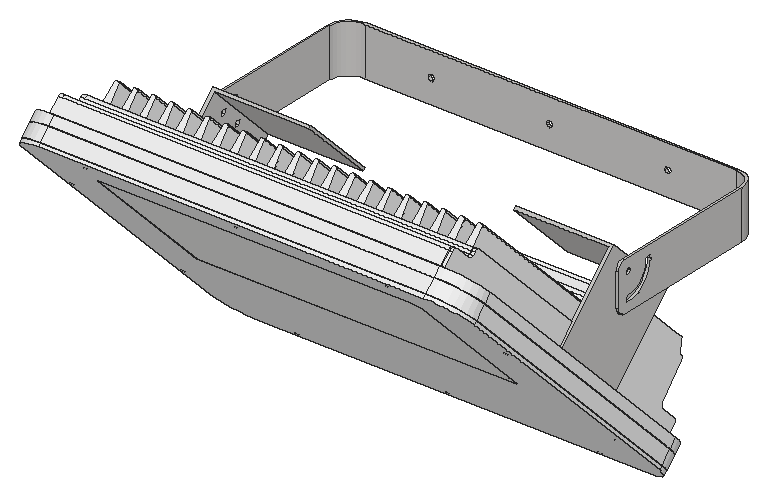
Revit family "FT ATEX LED MAX_2021", category Luminarias, Revit 2021 (continued)
Types (12, lengths in mm): name | Wattage | Power | Position | Archivo de red fotométrica | built-in parameter 1150142 | Modules | Lumens | built-in parameter 1150105 | built-in parameter 1150106 | Equiv MH
    \t0\t0\t0\t0\t0\r\n0\r\n2341.1438\t2280.1795\t2221.4942\t2161.3846\t2102.4144\t2043.7291\t1990.1717\t1940.0328\t1892.3154\t1845.7375\r\n1799.587\t1738.3378\t1672.2456\t1609.2871\t1549.035\t1492.2014\t1448.4724\t1415.7112\t1372.8367\t1338.936\r\n1316.1456\t1296.6313\t1282.5298\t1268.4282\t1258.7423\t1247.4895\t1235.3821\t1225.1264\t1217.1498\t1215.583\r\n1226.5508\t1248.4866\t1286.803\t1335.2326\t1382.3802\t1403.6038\t1372.5518\t1278.2566\t1125.1336\t941.2435\r\n741.1153\t474.4676\t232.4621\t165.8002\t133.1814\t107.8271\t0\t0\t0\t0\r\n0\t0\t0\t0\t0\t0\t0\t0\t0\t0\r\n0\t0\t0\t0\t0\t0\t0\t0\t0\t0\r\n0\t0\t0\t0\t0\t0\t0\t0\t0\t0\r\n0\t0\t0\t0\t0\t0\t0\t0\t0\t0\r\n0\r\n2337.1555\t2272.2029\t2209.2444\t2146.2859\t2083.8972\t2022.2207\t1966.0993\t1915.6756\t1865.8216\t1815.1129\r\n1763.2648\t1690.193\t1620.8248\t1553.3082\t1489.9224\t1433.2313\t1387.7929\t1353.7498\t1312.2997\t1281.96\r\n1260.0242\t1244.2134\t1226.4084\t1214.301\t1204.6151\t1199.0599\t1194.0745\t1188.2345\t1185.9554\t1198.0628\r\n1214.8708\t1245.6378\t1290.0791\t1335.2326\t1369.8455\t1373.264\t1305.605\t1206.6092\t1065.5936\t865.323\r\n643.1166\t410.6545\t221.3518\t168.2216\t133.8936\t110.1061\t0\t0\t0\t0\r\n0\t0\t0\t0\t0\t0\t0\t0\t0\t0\r\n0\t0\t0\t0\t0\t0\t0\t0\t0\t0\r\n0\t0\t0\t0\t0\t0\t0\t0\t0\t0\r\n0\t0\t0\t0\t0\t0\t0\t0\t0\t0\r\n0\r\n2332.3126\t2263.9414\t2197.2794\t2131.3297\t2066.8044\t2003.4186\t1945.7304\t1895.0218\t1844.1707\t1788.7615\r\n1727.3699\t1644.3274\t1571.8254\t1501.8874\t1437.9318\t1381.3831\t1336.3721\t1301.047\t1263.7277\t1237.3763\r\n1218.5742\t1199.0599\t1184.2462\t1173.9905\t1168.1504\t1163.8772\t1162.7377\t1163.7348\t1170.9992\t1188.5194\r\n1219.8562\t1261.0213\t1304.3231\t1337.9389\t1347.1975\t1326.1164\t1266.2916\t1158.4645\t992.6644\t780.0014\r\n546.115\t344.2775\t221.3518\t174.489\t133.1814\t107.8271\t0\t0\t0\t0\r\n0\t0\t0\t0\t0\t0\t0\t0\t0\t0\r\n0\t0\t0\t0\t0\t0\t0\t0\t0\t0\r\n0\t0\t0\t0\t0\t0\t0\t0\t0\t0\r\n0\t0\t0\t0\t0\t0\t0\t0\t0\t0\r\n0\r\n2335.5887\t2262.6594\t2194.0033\t2124.7775\t2057.8307\t1994.16\t1935.1898\t1883.769\t1830.9238\t1771.5263\r\n1698.0272\t1611.7086\t1535.2183\t1463.571\t1400.8974\t1344.9185\t1299.765\t1263.4428\t1229.1148\t1205.6122\r\n1184.6735\t1168.4353\t1157.1826\t1149.3484\t1144.0781\t1143.6508\t1146.0722\t1151.9123\t1167.1534\t1196.7809\r\n1229.1148\t1266.434\t1308.169\t1334.2355\t1335.6599\t1311.8724\t1233.388\t1103.0554\t935.261\t738.409\r\n520.7606\t309.0948\t218.9303\t184.0325\t130.6175\t109.109\t0\t0\t0\t0\r\n0\t0\t0\t0\t0\t0\t0\t0\t0\t0\r\n0\t0\t0\t0\t0\t0\t0\t0\t0\t0\r\n0\t0\t0\t0\t0\t0\t0\t0\t0\t0\r\n0\t0\t0\t0\t0\t0\t0\t0\t0\t0\r\n0\r\n2333.1672\t2257.1042\t2185.7418\t2115.5189\t2047.7174\t1982.0526\t1923.3673\t1870.807\t1813.1188\t1750.73\r\n1669.3968\t1577.6654\t1498.8961\t1427.3912\t1365.0025\t1312.1573\t1268.2858\t1231.8211\t1201.7663\t1177.9788\r\n1160.1738\t1147.6391\t1138.8078\t1131.8282\t1130.5463\t1132.398\t1136.1014\t1146.0722\t1171.4266\t1210.8824\r\n1240.9373\t1278.9688\t1321.4159\t1347.4824\t1344.2063\t1304.608\t1212.5917\t1078.983\t896.9447\t712.6273\r\n494.979\t279.8946\t210.6688\t175.4861\t133.3238\t109.8212\t0\t0\t0\t0\r\n0\t0\t0\t0\t0\t0\t0\t0\t0\t0\r\n0\t0\t0\t0\t0\t0\t0\t0\t0\t0\r\n0\t0\t0\t0\t0\t0\t0\t0\t0\t0\r\n0\t0\t0\t0\t0\t0\t0\t0\t0\t0\r\n0\r\n2335.1614\t2256.6769\t2182.893\t2111.2457\t2042.3047\t1975.7852\t1916.1029\t1863.5425\t1802.8631\t1737.3407\r\n1649.8825\t1556.8692\t1475.536\t1404.1735\t1341.4999\t1289.5093\t1246.2076\t1210.5976\t1183.9613\t1161.8831\r\n1146.642\t1135.5317\t1124.8487\t1120.0057\t1122.8545\t1123.8516\t1130.4038\t1145.36\t1179.5456\t1218.2893\r\n1250.1959\t1293.3552\t1329.1076\t1351.0434\t1347.9097\t1302.8987\t1209.0307\t1065.4512\t874.5816\t653.2298\r\n380.3148\t201.8375\t174.2041\t149.9893\t122.9257\t106.83\t0\t0\t0\t0\r\n0\t0\t0\t0\t0\t0\t0\t0\t0\t0\r\n0\t0\t0\t0\t0\t0\t0\t0\t0\t0\r\n0\t0\t0\t0\t0\t0\t0\t0\t0\t0\r\n0\t0\t0\t0\t0\t0\t0\t0\t0\t0\r\n0\r\n2332.5974\t2252.4037\t2177.1954\t2105.4056\t2035.0403\t1968.8057\t1908.696\t1853.002\t1791.4679\t1723.0967\r\n1630.3682\t1535.7881\t1453.7426\t1382.3802\t1322.413\t1269.995\t1228.8299\t1196.0687\t1171.7114\t1151.3425\r\n1137.3834\t1126.1306\t1118.0116\t1116.5872\t1117.7267\t1122.8545\t1132.8253\t1152.6245\t1188.2345\t1221.1381\r\n1248.4866\t1294.6372\t1326.1164\t1344.9185\t1336.2296\t1290.7913\t1197.4931\t1048.3584\t833.9862\t489.139\r\n258.8135\t167.5094\t153.9776\t132.6116\t111.1032\t99.8504\t0\t0\t0\t0\r\n0\t0\t0\t0\t0\t0\t0\t0\t0\t0\r\n0\t0\t0\t0\t0\t0\t0\t0\t0\t0\r\n0\t0\t0\t0\t0\t0\t0\t0\t0\t0\r\n0\t0\t0\t0\t0\t0\t0\t0\t0\t0\r\n0\r\n2334.1643\t2252.1188\t2176.1983\t2103.9812\t2034.0432\t1967.2388\t1906.417\t1848.159\t1785.7703\t1714.123\r\n1620.5399\t1525.9597\t1443.0596\t1369.2757\t1310.1631\t1259.0272\t1218.1469\t1186.9525\t1163.4499\t1144.6478\r\n1134.5346\t1124.8487\t1119.0086\t1118.0116\t1121.2877\t1125.1336\t1134.8195\t1154.3338\t1188.9467\t1217.5771\r\n1249.911\t1293.3552\t1322.413\t1339.2209\t1332.3838\t1293.7825\t1202.336\t1047.3613\t763.0511\t406.9511\r\n224.343\t150.9864\t138.4517\t120.0769\t105.1207\t98.8534\t0\t0\t0\t0\r\n0\t0\t0\t0\t0\t0\t0\t0\t0\t0\r\n0\t0\t0\t0\t0\t0\t0\t0\t0\t0\r\n0\t0\t0\t0\t0\t0\t0\t0\t0\t0\r\n0\t0\t0\t0\t0\t0\t0\t0\t0\t0\r\n0\r\n2330.8882\t2248.8427\t2171.9251\t2098.711\t2029.2002\t1962.5383\t1901.1467\t1841.8916\t1778.5058\t1705.2917\r\n1609.4296\t1515.9889\t1433.9435\t1361.0142\t1301.9016\t1251.6203\t1213.019\t1184.531\t1163.7348\t1145.6449\r\n1136.3863\t1130.119\t1127.8399\t1125.5609\t1129.1219\t1129.8341\t1139.6624\t1160.7436\t1200.3419\t1229.3996\r\n1268.4282\t1306.0324\t1331.3867\t1338.936\t1321.8432\t1283.0995\t1192.7926\t1034.5417\t683.9969\t369.6318\r\n205.8258\t144.1493\t130.6175\t116.8008\t111.3881\t108.5393\t0\t0\t0\t0\r\n0\t0\t0\t0\t0\t0\t0\t0\t0\t0\r\n0\t0\t0\t0\t0\t0\t0\t0\t0\t0\r\n0\t0\t0\t0\t0\t0\t0\t0\t0\t0\r\n0\t0\t0\t0\t0\t0\t0\t0\t0\t0\r\n0\r\n2334.1643\t2251.1218\t2173.6344\t2100.7051\t2031.052\t1964.5325\t1903.4257\t1842.8887\t1779.218\t1706.0039\r\n1610.2842\t1516.7011\t1433.6586\t1362.0113\t1302.044\t1252.9022\t1218.5742\t1190.7984\t1170.4295\t1151.2001\r\n1140.3746\t1137.3834\t1144.9327\t1140.802\t1137.3834\t1141.0868\t1147.3542\t1164.7319\t1206.0395\t1239.6553\r\n1274.5531\t1306.6021\t1329.9623\t1339.2209\t1318.5671\t1279.8234\t1193.5048\t1039.0998\t683.5696\t378.1782\r\n207.6775\t145.4312\t128.9082\t115.0915\t111.3881\t109.5364\t0\t0\t0\t0\r\n0\t0\t0\t0\t0\t0\t0\t0\t0\t0\r\n0\t0\t0\t0\t0\t0\t0\t0\t0\t0\r\n0\t0\t0\t0\t0\t0\t0\t0\t0\t0\r\n0\t0\t0\t0\t0\t0\t0\t0\t0\t0\r\n0\r\n2329.8911\t2248.1305\t2170.6432\t2098.711\t2029.77\t1963.2505\t1902.5711\t1842.1765\t1777.7936\t1705.0068\r\n1609.0022\t1514.707\t1432.6615\t1362.2962\t1302.8987\t1253.8993\t1216.8649\t1187.8072\t1165.4441\t1147.3542\r\n1136.1014\t1129.2643\t1133.3951\t1129.2643\t1125.276\t1129.1219\t1138.6654\t1161.8831\t1201.0541\t1230.1118\r\n1267.0038\t1299.3377\t1325.6891\t1336.9418\t1313.5817\t1275.5502\t1192.0804\t1039.812\t699.0955\t375.0445\r\n209.6717\t146.001\t133.8936\t119.792\t108.112\t106.83\t0\t0\t0\t0\r\n0\t0\t0\t0\t0\t0\t0\t0\t0\t0\r\n0\t0\t0\t0\t0\t0\t0\t0\t0\t0\r\n0\t0\t0\t0\t0\t0\t0\t0\t0\t0\r\n0\t0\t0\t0\t0\t0\t0\t0\t0\t0\r\n0\r\n2330.3184\t2249.4125\t2172.6373\t2102.4144\t2033.4734\t1968.5208\t1907.8414\t1846.7346\t1783.2064\t1711.2742\r\n1616.9789\t1523.5382\t1441.2079\t1369.5606\t1310.1631\t1258.7423\t1219.8562\t1188.8042\t1165.1592\t1144.9327\r\n1133.1102\t1123.2818\t1118.5813\t1120.2906\t1118.0116\t1120.8604\t1131.4009\t1152.9094\t1186.5252\t1214.0161\r\n1249.4837\t1288.3698\t1312.1573\t1328.9652\t1315.5758\t1274.6956\t1195.4989\t1056.0502\t791.5391\t432.0205\r\n237.1626\t156.684\t144.719\t123.0682\t105.8329\t101.2748\t0\t0\t0\t0\r\n0\t0\t0\t0\t0\t0\t0\t0\t0\t0\r\n0\t0\t0\t0\t0\t0\t0\t0\t0\t0\r\n0\t0\t0\t0\t0\t0\t0\t0\t0\t0\r\n0\t0\t0\t0\t0\t0\t0\t0\t0\t0\r\n0\r\n2326.3301\t2247.1334\t2171.2129\t2101.4173\t2034.0432\t1968.0935\t1908.8384\t1849.1561\t1787.3371\t1716.1171\r\n1624.1009\t1532.0846\t1450.4665\t1379.8163\t1319.849\t1269.995\t1228.6874\t1197.0658\t1172.1388\t1152.3396\r\n1137.3834\t1126.2731\t1120.0057\t1122.5696\t1120.5755\t1121.0028\t1129.5492\t1149.9181\t1180.97\t1217.1498\r\n1250.9081\t1292.3581\t1312.5846\t1333.3808\t1326.1164\t1277.9717\t1201.0541\t1074.7098\t879.1397\t551.3852\r\n282.0312\t180.4715\t160.6723\t134.8907\t111.3881\t102.5568\t0\t0\t0\t0\r\n0\t0\t0\t0\t0\t0\t0\t0\t0\t0\r\n0\t0\t0\t0\t0\t0\t0\t0\t0\t0\r\n0\t0\t0\t0\t0\t0\t0\t0\t0\t0\r\n0\t0\t0\t0\t0\t0\t0\t0\t0\t0\r\n0\r\n2328.6091\t2251.834\t2178.4774\t2108.6818\t2041.4501\t1974.7882\t1917.3848\t1860.2664\t1799.3021\t1732.3553\r\n1643.9\t1554.0204\t1472.4023\t1403.1764\t1341.215\t1289.3669\t1247.2046\t1213.019\t1186.2403\t1164.7319\r\n1147.924\t1135.5317\t1125.8458\t1123.994\t1128.5521\t1126.8428\t1131.116\t1142.6537\t1170.0022\t1207.6063\r\n1243.9285\t1288.5122\t1316.1456\t1341.9272\t1344.9185\t1307.3143\t1224.1294\t1108.4681\t933.5518\t719.322\r\n431.3083\t228.6162\t181.0412\t149.9893\t121.6438\t108.5393\t0\t0\t0\t0\r\n0\t0\t0\t0\t0\t0\t0\t0\t0\t0\r\n0\t0\t0\t0\t0\t0\t0\t0\t0\t0\r\n0\t0\t0\t0\t0\t0\t0\t0\t0\t0\r\n0\t0\t0\t0\t0\t0\t0\t0\t0\t0\r\n0\r\n2323.6237\t2249.8398\t2179.4744\t2110.6759\t2045.0111\t1980.0584\t1922.94\t1868.8128\t1809.5578\t1744.6051\r\n1663.4143\t1575.3864\t1497.4717\t1426.9639\t1366.7118\t1314.5788\t1271.7043\t1234.1002\t1204.7575\t1182.9642\r\n1165.8714\t1151.3425\t1140.6595\t1135.3892\t1135.5317\t1136.8136\t1135.8166\t1142.9386\t1165.4441\t1199.4872\r\n1231.3938\t1278.2566\t1311.1602\t1337.654\t1348.7644\t1320.4188\t1241.2222\t1122.8545\t951.3568\t746.6705\r\n516.0601\t306.1036\t213.9449\t168.9338\t126.914\t110.1061\t0\t0\t0\t0\r\n0\t0\t0\t0\t0\t0\t0\t0\t0\t0\r\n0\t0\t0\t0\t0\t0\t0\t0\t0\t0\r\n0\t0\t0\t0\t0\t0\t0\t0\t0\t0\r\n0\t0\t0\t0\t0\t0\t0\t0\t0\t0\r\n0\r\n2325.9028\t2254.3979\t2185.172\t2118.5101\t2055.2668\t1992.1658\t1934.905\t1882.7719\t1828.075\t1766.256\r\n1693.1843\t1608.7174\t1534.2212\t1463.2861\t1402.6067\t1348.4795\t1304.8928\t1264.4399\t1232.6758\t1210.0278\r\n1190.7984\t1174.2754\t1160.886\t1152.1972\t1147.924\t1148.3513\t1146.9269\t1149.2059\t1165.1592\t1193.5048\r\n1220.5684\t1266.434\t1304.8928\t1332.9535\t1351.7556\t1336.3721\t1265.7218\t1143.081\t972.5803\t786.1264\r\n565.9141\t333.7369\t226.4796\t176.3407\t127.3414\t109.5364\t0\t0\t0\t0\r\n0\t0\t0\t0\t0\t0\t0\t0\t0\t0\r\n0\t0\t0\t0\t0\t0\t0\t0\t0\t0\r\n0\t0\t0\t0\t0\t0\t0\t0\t0\t0\r\n0\t0\t0\t0\t0\t0\t0\t0\t0\t0\r\n0\r\n2323.3388\t2256.392\t2191.0121\t2126.4868\t2064.8102\t2002.8488\t1947.0124\t1896.3037\t1845.4526\t1787.3371\r\n1722.3845\t1643.3303\t1572.3952\t1504.7362\t1444.0567\t1389.7871\t1344.776\t1305.0353\t1269.2828\t1243.2163\r\n1222.4201\t1203.618\t1188.2345\t1177.2666\t1170.7144\t1166.726\t1165.4441\t1164.1621\t1172.4236\t1192.5077\r\n1221.1381\t1261.7335\t1301.3318\t1341.215\t1366.9967\t1356.741\t1298.3406\t1175.9846\t1012.1786\t825.7247\r\n613.3466\t361.3703\t229.8982\t173.207\t129.3355\t110.391\t0\t0\t0\t0\r\n0\t0\t0\t0\t0\t0\t0\t0\t0\t0\r\n0\t0\t0\t0\t0\t0\t0\t0\t0\t0\r\n0\t0\t0\t0\t0\t0\t0\t0\t0\t0\r\n0\t0\t0\t0\t0\t0\t0\t0\t0\t0\r\n0\r\n2323.9086\t2261.235\t2198.9887\t2137.5971\t2078.9118\t2020.2265\t1965.2447\t1915.3907\t1866.8186\t1813.1188\r\n1756.9974\t1686.2047\t1619.5428\t1554.3053\t1495.1927\t1441.0655\t1396.0544\t1356.0288\t1315.8607\t1286.5181\r\n1263.7277\t1244.6407\t1226.8357\t1213.5888\t1204.7575\t1197.778\t1193.0774\t1190.5135\t1190.9408\t1202.4785\r\n1218.8591\t1253.7569\t1299.3377\t1340.5028\t1381.8104\t1395.3422\t1339.9331\t1229.1148\t1077.701\t895.6627\r\n687.9852\t427.32\t225.1976\t171.2129\t130.9024\t111.8154\t0\t0\t0\t0\r\n0\t0\t0\t0\t0\t0\t0\t0\t0\t0\r\n0\t0\t0\t0\t0\t0\t0\t0\t0\t0\r\n0\t0\t0\t0\t0\t0\t0\t0\t0\t0\r\n0\t0\t0\t0\t0\t0\t0\t0\t0\t0\r\n0\r\n2321.9144\t2264.2262\t2205.9683\t2148.1376\t2091.1616\t2036.3222\t1983.9043\t1935.7596\t1889.0393\t1839.1853\r\n1789.3313\t1727.3699\t1666.1207\t1605.0139\t1548.0379\t1496.902\t1454.0275\t1416.1385\t1371.8396\t1340.5028\r\n1316.5729\t1297.3435\t1280.5356\t1263.4428\t1253.1871\t1242.6466\t1234.6699\t1228.8299\t1224.8416\t1223.8445\r\n1234.1002\t1254.8964\t1298.6255\t1334.9477\t1368.5635\t1411.438\t1356.3137\t1259.0272\t1130.8312\t960.3305\r\n744.249\t462.0754\t248.9851\t177.0529\t135.6029\t113.0974\t0\t0\t0\t0\r\n0\t0\t0\t0\t0\t0\t0\t0\t0\t0\r\n0\t0\t0\t0\t0\t0\t0\t0\t0\t0\r\n0\t0\t0\t0\t0\t0\t0\t0\t0\t0\r\n0\t0\t0\t0\t0\t0\t0\t0\t0\t0\r\n0\r\n2321.6296\t2269.4965\t2216.0815\t2162.3816\t2108.3969\t2059.54\t2010.1133\t1963.5354\t1919.379\t1875.7924\r\n1828.9296\t1775.7995\t1718.8235\t1663.1294\t1608.29\t1560.5726\t1520.2621\t1486.9312\t1444.7689\t1406.595\r\n1383.8046\t1365.2874\t1348.9068\t1332.9535\t1315.5758\t1307.5992\t1296.7738\t1285.0937\t1273.6985\t1267.716\r\n1267.716\t1277.9717\t1304.8928\t1338.5087\t1351.7556\t1393.9178\t1387.6505\t1303.0411\t1197.0658\t1047.0764\r\n862.0469\t561.9258\t330.1759\t198.134\t141.158\t119.6496\t0\t0\t0\t0\r\n0\t0\t0\t0\t0\t0\t0\t0\t0\t0\r\n0\t0\t0\t0\t0\t0\t0\t0\t0\t0\r\n0\t0\t0\t0\t0\t0\t0\t0\t0\t0\r\n0\t0\t0\t0\t0\t0\t0\t0\t0\t0\r\n0\r\n2319.7778\t2272.6302\t2223.4884\t2173.9193\t2124.7775\t2079.624\t2035.1827\t1991.3112\t1950.4309\t1909.8355\r\n1867.5308\t1822.6622\t1769.2472\t1720.3903\t1668.9695\t1625.098\t1588.6333\t1559.2907\t1520.2621\t1480.6638\r\n1457.0188\t1439.2138\t1424.2576\t1408.1618\t1393.633\t1378.2494\t1364.2903\t1354.7468\t1340.218\t1324.1222\r\n1317.8549\t1327.1135\t1330.1047\t1351.4707\t1361.0142\t1370.5577\t1380.1012\t1325.6891\t1262.4457\t1144.363\r\n994.6585\t733.7084\t424.7561\t245.2817\t153.2654\t125.3472\t0\t0\t0\t0\r\n0\t0\t0\t0\t0\t0\t0\t0\t0\t0\r\n0\t0\t0\t0\t0\t0\t0\t0\t0\t0\r\n0\t0\t0\t0\t0\t0\t0\t0\t0\t0\r\n0\t0\t0\t0\t0\t0\t0\t0\t0\t0\r\n0\r\n2321.6296\t2280.7493\t2236.308\t2192.0092\t2147.283\t2106.2603\t2065.0951\t2024.7846\t1987.6078\t1951.2856\r\n1911.4024\t1872.2314\t1826.9354\t1782.2093\t1736.3436\t1695.1784\t1663.8416\t1638.06\t1606.7232\t1560.5726\r\n1536.2154\t1520.9743\t1506.7303\t1492.3439\t1478.3848\t1465.1378\t1451.4636\t1436.7923\t1420.9814\t1407.1648\r\n1396.6242\t1388.79\t1373.264\t1365.9996\t1359.02\t1350.7585\t1349.4766\t1335.375\t1302.044\t1234.6699\r\n1134.1073\t952.069\t652.3752\t312.3709\t165.2304\t126.914\t0\t0\t0\t0\r\n0\t0\t0\t0\t0\t0\t0\t0\t0\t0\r\n0\t0\t0\t0\t0\t0\t0\t0\t0\t0\r\n0\t0\t0\t0\t0\t0\t0\t0\t0\t0\r\n0\t0\t0\t0\t0\t0\t0\t0\t0\t0\r\n0\r\n2318.7808\t2283.4556\t2244.8544\t2204.259\t2165.088\t2128.7658\t2091.1616\t2055.5516\t2021.9358\t1987.8926\r\n1953.707\t1917.3848\t1880.3504\t1837.9033\t1800.2992\t1760.9857\t1736.9134\t1717.8264\t1694.4662\t1645.3244\r\n1620.8248\t1606.7232\t1591.4821\t1578.9474\t1565.4156\t1553.878\t1542.7676\t1528.2388\t1511.146\t1494.338\r\n1480.3789\t1457.731\t1445.4811\t1423.9727\t1398.6184\t1381.3831\t1357.0259\t1351.4707\t1346.2004\t1344.2063\r\n1303.0411\t1139.0927\t897.6569\t471.9037\t218.0756\t140.161\t0\t0\t0\t0\r\n0\t0\t0\t0\t0\t0\t0\t0\t0\t0\r\n0\t0\t0\t0\t0\t0\t0\t0\t0\t0\r\n0\t0\t0\t0\t0\t0\t0\t0\t0\t0\r\n0\t0\t0\t0\t0\t0\t0\t0\t0\t0\r\n0\r\n2319.7778\t2291.005\t2258.3862\t2223.4884\t2189.0179\t2157.1114\t2125.2048\t2092.8709\t2061.1068\t2029.77\r\n1998.5756\t1967.2388\t1935.7596\t1901.2891\t1869.2401\t1837.1911\t1814.5432\t1805.5694\t1790.4708\t1744.89\r\n1717.8264\t1702.0156\t1692.4721\t1679.51\t1668.1148\t1655.1528\t1644.6122\t1633.7868\t1623.5311\t1613.9876\r\n1595.7553\t1578.9474\t1565.1307\t1535.2183\t1492.3439\t1452.6031\t1421.1239\t1402.8916\t1403.6038\t1405.4555\r\n1413.4321\t1284.5239\t1058.6141\t666.9041\t329.1788\t164.8031\t0\t0\t0\t0\r\n0\t0\t0\t0\t0\t0\t0\t0\t0\t0\r\n0\t0\t0\t0\t0\t0\t0\t0\t0\t0\r\n0\t0\t0\t0\t0\t0\t0\t0\t0\t0\r\n0\t0\t0\t0\t0\t0\t0\t0\t0\t0\r\n0\r\n2317.3564\t2294.7084\t2267.9297\t2238.1597\t2209.2444\t2181.8959\t2155.1172\t2125.4897\t2097.1441\t2067.8015\r\n2039.4559\t2013.3894\t1987.3229\t1960.829\t1933.4806\t1906.8443\t1888.7544\t1885.051\t1879.0685\t1848.4439\r\n1814.4007\t1801.5811\t1795.7411\t1790.3284\t1782.0668\t1774.2326\t1767.3955\t1763.6921\t1759.9886\t1756.4276\r\n1741.6139\t1737.9104\t1720.1054\t1680.2222\t1633.3595\t1585.3572\t1526.5295\t1488.3556\t1457.3036\t1457.731\r\n1434.7981\t1346.9126\t1133.3951\t783.8473\t441.2791\t201.8375\t0\t0\t0\t0\r\n0\t0\t0\t0\t0\t0\t0\t0\t0\t0\r\n0\t0\t0\t0\t0\t0\t0\t0\t0\t0\r\n0\t0\t0\t0\t0\t0\t0\t0\t0\t0\r\n0\t0\t0\t0\t0\t0\t0\t0\t0\t0\r\n0\r\n2316.0744\t2301.2606\t2280.4644\t2256.9618\t2233.3168\t2211.2386\t2189.0179\t2163.3787\t2137.5971\t2112.5276\r\n2086.8884\t2062.8161\t2041.735\t2022.648\t2002.1366\t1980.3433\t1963.2505\t1965.2447\t1967.8086\t1959.9744\r\n1918.3819\t1906.417\t1903.5682\t1906.417\t1905.8472\t1910.1204\t1912.8268\t1918.9517\t1929.6347\t1939.1782\r\n1942.1694\t1939.7479\t1916.6726\t1870.2372\t1826.0808\t1774.2326\t1697.7424\t1623.1038\t1535.7881\t1460.01\r\n1407.5921\t1316.4305\t1148.3513\t791.824\t432.0205\t214.942\t0\t0\t0\t0\r\n0\t0\t0\t0\t0\t0\t0\t0\t0\t0\r\n0\t0\t0\t0\t0\t0\t0\t0\t0\t0\r\n0\t0\t0\t0\t0\t0\t0\t0\t0\t0\r\n0\t0\t0\t0\t0\t0\t0\t0\t0\t0\r\n0\r\n2314.5076\t2306.1036\t2291.7172\t2274.9092\t2256.6769\t2240.5812\t2222.064\t2201.5526\t2179.9018\t2157.1114\r\n2133.039\t2113.5247\t2096.4319\t2081.903\t2067.8015\t2051.9906\t2035.0403\t2041.4501\t2051.5633\t2060.8219\r\n2027.9183\t2013.9592\t2019.2294\t2030.4822\t2041.4501\t2058.1156\t2076.6328\t2098.9958\t2127.3414\t2162.0968\r\n2184.8872\t2194.2882\t2176.1983\t2139.0215\t2092.8709\t2022.648\t1915.6756\t1786.7674\t1635.6385\t1482.0882\r\n1335.375\t1179.6881\t983.1209\t665.4797\t363.0796\t214.0873\t0\t0\t0\t0\r\n0\t0\t0\t0\t0\t0\t0\t0\t0\t0\r\n0\t0\t0\t0\t0\t0\t0\t0\t0\t0\r\n0\t0\t0\t0\t0\t0\t0\t0\t0\t0\r\n0\t0\t0\t0\t0\t0\t0\t0\t0\t0\r\n0\r\n2333.3096\t2330.6033\t2324.3359\t2312.7983\t2301.2606\t2289.4381\t2275.479\t2260.0955\t2242.5754\t2223.346\r\n2203.2619\t2186.454\t2170.6432\t2157.6811\t2146.5708\t2137.7395\t2127.7687\t2131.0448\t2143.2947\t2165.6578\r\n2158.6782\t2142.8674\t2154.8323\t2175.6286\t2203.5468\t2239.1568\t2279.4673\t2329.6062\t2397.1228\t2474.3252\r\n2534.4349\t2576.5972\t2602.9486\t2606.9369\t2560.5014\t2457.9446\t2279.7522\t2056.5487\t1792.3225\t1472.8296\r\n1170.0022\t923.0112\t677.0173\t403.9598\t220.6396\t160.5299\t0\t0\t0\t0\r\n0\t0\t0\t0\t0\t0\t0\t0\t0\t0\r\n0\t0\t0\t0\t0\t0\t0\t0\t0\t0\r\n0\t0\t0\t0\t0\t0\t0\t0\t0\t0\r\n0\t0\t0\t0\t0\t0\t0\t0\t0\t0\r\n0\r\n2336.8706\t2341.7136\t2342.8531\t2339.7194\t2334.5916\t2327.612\t2320.3476\t2311.5163\t2300.2636\t2286.0196\r\n2272.4878\t2260.3804\t2246.5637\t2234.3138\t2227.0494\t2224.343\t2222.064\t2225.3401\t2238.3022\t2261.235\r\n2286.3044\t2269.9238\t2279.04\t2308.2402\t2349.1205\t2403.5326\t2468.3428\t2549.9609\t2654.5118\t2781.141\r\n2898.2267\t2997.3649\t3080.8348\t3138.2381\t3112.1716\t2993.8039\t2784.2747\t2459.2266\t1972.5091\t1472.1174\r\n1095.506\t764.1906\t477.6013\t265.2233\t193.576\t145.7161\t0\t0\t0\t0\r\n0\t0\t0\t0\t0\t0\t0\t0\t0\t0\r\n0\t0\t0\t0\t0\t0\t0\t0\t0\t0\r\n0\t0\t0\t0\t0\t0\t0\t0\t0\t0\r\n0\t0\t0\t0\t0\t0\t0\t0\t0\t0\r\n0\r\n2344.1351\t2357.382\t2365.786\t2369.7743\t2372.0533\t2372.4806\t2371.1987\t2369.4894\t2365.5011\t2358.5215\r\n2351.1146\t2343.8502\t2336.4
